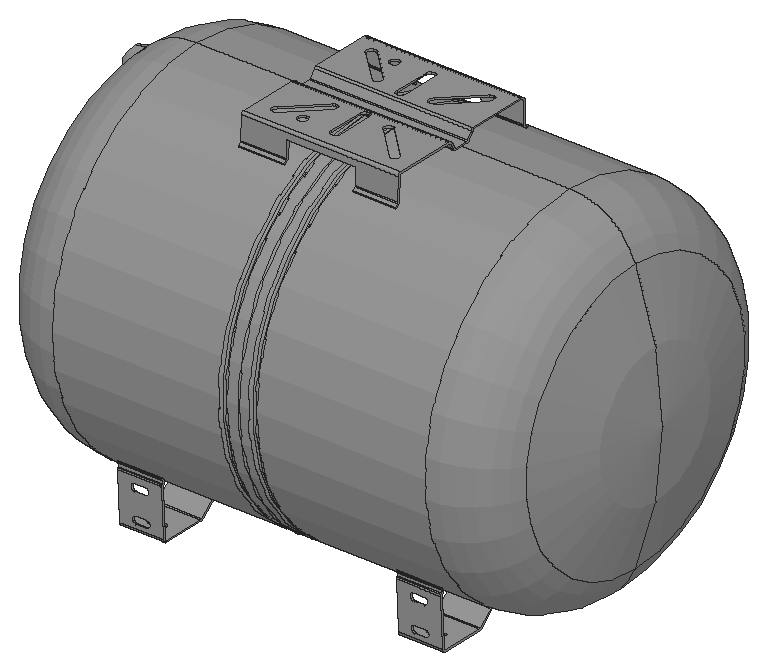
Revit family "WAO 80", category Оборудование, Revit 2014
Parameters
  Описание = "Мембранный бак для водоснабжения V=80л, Py=10бар, 1\""
  Материал крышки = Черная резина
  Материал = Синяя краска
  Масса кг = "13.2"
  Крышка [instance] = yes
  Комментарии к типоразмеру = "WAO 80"
  Изготовитель = "WESTER"  # constant formula
  URL = "http://www.wester.su/"
Reference planes
  plane 1 "По центру (Вперед/Назад)": y = 0
  plane 2: z = 0
  plane 3 "По центру (Влево/Вправо)": x = 0
  plane 4: z = 219.449
Forms (mm)
  Revolve 1, solid, material "Синяя краска" <- "Материал"
    sketch origin (0, 0, 39.5) x (1, 0, 0) y (0, 0, 1)
      loop
        line (211.665, 384.998) -> (20.731, 384.998)
        arc (20.731, 384.998) -> (19.253, 384.613) -> (18.15, 383.556) r 3.031
        arc (18.15, 383.556) -> (16.004, 382.367) -> (13.859, 383.556) r 2.53
        arc (13.859, 383.556) -> (12.745, 384.613) -> (11.258, 384.998) r 3.066
        line (11.258, 384.998) -> (1.114, 384.998)
        arc (1.114, 384.998) -> (0.062, 385.384) -> (-0.99, 384.998) r 1.624
        line (-0.99, 384.998) -> (-13.259, 384.998)
        arc (-13.259, 384.998) -> (-14.743, 384.61) -> (-15.849, 383.547) r 3.037
        arc (-15.849, 383.547) -> (-18.001, 382.334) -> (-20.153, 383.547) r 2.516
        arc (-20.153, 383.547) -> (-21.249, 384.61) -> (-22.726, 384.998) r 3.007
        line (-22.726, 384.998) -> (-210.648, 384.998)
        arc (-210.648, 384.998) -> (-255.142, 371.395) -> (-284.422, 335.237) r 79.568
        arc (-284.422, 335.237) -> (-300.44, 288.618) -> (-311.432, 240.565) r 464.996
        line (-311.432, 240.565) -> (-324.538, 227.459) -> (-324.538, 179.949) -> (316.999, 179.949)
        arc (316.999, 179.949) -> (308.93, 258.758) -> (286.278, 334.67) r 422.086
        arc (286.278, 334.67) -> (256.665, 371.24) -> (211.665, 384.998) r 80.473
      axis (-324.538, 179.949) -> (316.999, 179.949)
    angle from 0 to 360
  Revolve 2, solid
    sketch origin (-97.594, 0, 57.949) x (1, 0, 0) y (0, 0, 1)
      loop
        line (-267.445, 175.601) -> (-267.445, 174.782) -> (-239.445, 174.782) -> (-239.445, 161.5) -> (-226.945, 161.5) -> (-226.945, 231.551) -> (-228.445, 231.551) -> (-228.445, 235.304) -> (-235.411, 234.694)
        arc (-235.411, 234.694) -> (-238.29, 233.199) -> (-239.445, 230.167) r 4.557
        line (-239.445, 230.167) -> (-239.445, 209.701) -> (-235.342, 197.341)
        arc (-235.342, 197.341) -> (-234.952, 195.475) -> (-235.342, 193.608) r 4.663
        line (-235.342, 193.608) -> (-239.445, 180.189) -> (-239.445, 179.405)
        arc (-239.445, 179.405) -> (-240.671, 179.079) -> (-241.484, 178.103) r 2.095
        line (-241.484, 178.103) -> (-264.942, 178.103) -> (-267.445, 175.601)
      axis (-267.445, 161.5) -> (-226.945, 161.5)
    angle from 0 to 360
  Extrusion 3, solid, material "Синяя краска" <- "Материал"
    sketch origin (0, -0.312, 123) x (0, 1, 0) y (0, 0, 1)
      loop
        line (93.539, 280.684) -> (90.184, 283.374)
        arc (90.184, 283.374) -> (89.777, 283.88) -> (89.622, 284.512) r 1.5
        line (89.622, 284.512) -> (89.073, 310.065)
        arc (89.073, 310.065) -> (88.172, 312.144) -> (86.074, 313) r 3
        line (86.074, 313) -> (16.699, 313)
        arc (16.699, 313) -> (15.22, 312.611) -> (14.126, 311.543) r 3
        line (14.126, 311.543) -> (9.437, 303.728)
        arc (9.437, 303.728) -> (8.89, 303.195) -> (8.151, 303) r 1.5
        line (8.151, 303) -> (-8.151, 303)
        arc (-8.151, 303) -> (-8.89, 303.195) -> (-9.437, 303.728) r 1.5
        line (-9.437, 303.728) -> (-14.126, 311.543)
        arc (-14.126, 311.543) -> (-15.22, 312.611) -> (-16.699, 313) r 3
        line (-16.699, 313) -> (-86.061, 313)
        arc (-86.061, 313) -> (-88.159, 312.144) -> (-89.06, 310.065) r 3
        line (-89.06, 310.065) -> (-89.621, 284.252)
        arc (-89.621, 284.252) -> (-89.775, 283.62) -> (-90.182, 283.114) r 1.5
        line (-90.182, 283.114) -> (-93.537, 280.424) -> (-92.599, 279.253) -> (-89.244, 281.943)
        arc (-89.244, 281.943) -> (-88.43, 282.957) -> (-88.121, 284.219) r 3
        line (-88.121, 284.219) -> (-87.561, 310.033)
        arc (-87.561, 310.033) -> (-87.11, 311.072) -> (-86.061, 311.5) r 1.5
        line (-86.061, 311.5) -> (-16.699, 311.5)
        arc (-16.699, 311.5) -> (-15.96, 311.305) -> (-15.412, 310.772) r 1.5
        line (-15.412, 310.772) -> (-10.723, 302.957)
        arc (-10.723, 302.957) -> (-9.629, 301.889) -> (-8.151, 301.5) r 3
        line (-8.151, 301.5) -> (8.151, 301.5)
        arc (8.151, 301.5) -> (9.629, 301.889) -> (10.723, 302.957) r 3
        line (10.723, 302.957) -> (15.412, 310.772)
        arc (15.412, 310.772) -> (15.96, 311.305) -> (16.699, 311.5) r 1.5
        line (16.699, 311.5) -> (86.074, 311.5)
        arc (86.074, 311.5) -> (87.123, 311.072) -> (87.574, 310.032) r 1.5
        line (87.574, 310.032) -> (88.123, 284.48)
        arc (88.123, 284.48) -> (88.432, 283.217) -> (89.246, 282.203) r 3
        line (89.246, 282.203) -> (92.601, 279.513) -> (93.539, 280.684)
    from -89 to 89
  Extrusion 4, void
    sketch origin (3.445, 0, 0) x (1, 0, 0) y (0, 1, 0)
      loop
        arc (-66.306, 70.639) -> (-74.084, 70.639) -> (-74.084, 62.861) r 5.5
        line (-74.084, 62.861) -> (-39.436, 28.213)
        arc (-39.436, 28.213) -> (-31.657, 28.213) -> (-31.657, 35.991) r 5.5
        line (-31.657, 35.991) -> (-66.306, 70.639)
      loop
        arc (24.768, 35.991) -> (24.768, 28.213) -> (32.546, 28.213) r 5.5
        line (32.546, 28.213) -> (67.194, 62.861)
        arc (67.194, 62.861) -> (67.194, 70.639) -> (59.416, 70.639) r 5.5
        line (59.416, 70.639) -> (24.768, 35.991)
      loop
        arc (-8.945, 25.75) -> (-3.445, 20.25) -> (2.055, 25.75) r 5.5
        line (2.055, 25.75) -> (2.055, 66.75)
        arc (2.055, 66.75) -> (-3.445, 72.25) -> (-8.945, 66.75) r 5.5
        line (-8.945, 66.75) -> (-8.945, 25.75)
      loop
        arc (-31.657, -35.991) -> (-31.657, -28.213) -> (-39.436, -28.213) r 5.5
        line (-39.436, -28.213) -> (-74.084, -62.861)
        arc (-74.084, -62.861) -> (-74.084, -70.639) -> (-66.306, -70.639) r 5.5
        line (-66.306, -70.639) -> (-31.657, -35.991)
      loop
        line (24.768, -35.991) -> (59.416, -70.639)
        arc (59.416, -70.639) -> (67.194, -70.639) -> (67.194, -62.861) r 5.5
        line (67.194, -62.861) -> (32.546, -28.213)
        arc (32.546, -28.213) -> (24.768, -28.213) -> (24.768, -35.991) r 5.5
      loop
        line (-8.945, -25.75) -> (-8.945, -66.75)
        arc (-8.945, -66.75) -> (-3.445, -72.25) -> (2.055, -66.75) r 5.5
        line (2.055, -66.75) -> (2.055, -25.75)
        arc (2.055, -25.75) -> (-3.445, -20.25) -> (-8.945, -25.75) r 5.5
      loop
        circle (-42.347, 64.994) r 5.559
      loop
        circle (-42.347, -64.994) r 5.559
    from 434.5 to 436
  Extrusion 5, void
    sketch origin (0, 0, 0) x (1, 0, 0) y (0, 1, 0)
      loop
        arc (-159.538, 108.5) -> (-155.038, 113) -> (-159.538, 117.5) r 4.5
        line (-159.538, 117.5) -> (-170.538, 117.5)
        arc (-170.538, 117.5) -> (-175.038, 113) -> (-170.538, 108.5) r 4.5
        line (-170.538, 108.5) -> (-159.538, 108.5)
      loop
        line (-170.538, -117.5) -> (-159.538, -117.5)
        arc (-159.538, -117.5) -> (-155.038, -113) -> (-159.538, -108.5) r 4.5
        line (-159.538, -108.5) -> (-170.538, -108.5)
        arc (-170.538, -108.5) -> (-175.038, -113) -> (-170.538, -117.5) r 4.5
      loop
        arc (156.462, 108.5) -> (160.962, 113) -> (156.462, 117.5) r 4.5
        line (156.462, 117.5) -> (145.462, 117.5)
        arc (145.462, 117.5) -> (140.962, 113) -> (145.462, 108.5) r 4.5
        line (145.462, 108.5) -> (156.462, 108.5)
      loop
        line (156.462, -108.5) -> (145.462, -108.5)
        arc (145.462, -108.5) -> (140.962, -113) -> (145.462, -117.5) r 4.5
        line (145.462, -117.5) -> (156.462, -117.5)
        arc (156.462, -117.5) -> (160.962, -113) -> (156.462, -108.5) r 4.5
    from 0 to 14.349
  Extrusion 6, void
    sketch origin (6.445, 0, 0) x (1, 0, 0) y (0, 0, 1)
      loop
        arc (-165.983, 42.509) -> (-161.483, 47.009) -> (-165.983, 51.509) r 4.5
        line (-165.983, 51.509) -> (-176.983, 51.509)
        arc (-176.983, 51.509) -> (-181.483, 47.009) -> (-176.983, 42.509) r 4.5
        line (-176.983, 42.509) -> (-165.983, 42.509)
      loop
        line (-165.983, 17.513) -> (-176.983, 17.513)
        arc (-176.983, 17.513) -> (-181.483, 13.013) -> (-176.983, 8.513) r 4.5
        line (-176.983, 8.513) -> (-165.983, 8.513)
        arc (-165.983, 8.513) -> (-161.483, 13.013) -> (-165.983, 17.513) r 4.5
      loop
        line (139.017, 8.513) -> (150.017, 8.513)
        arc (150.017, 8.513) -> (154.517, 13.013) -> (150.017, 17.513) r 4.5
        line (150.017, 17.513) -> (139.017, 17.513)
        arc (139.017, 17.513) -> (134.517, 13.013) -> (139.017, 8.513) r 4.5
      loop
        arc (150.017, 42.509) -> (154.517, 47.009) -> (150.017, 51.509) r 4.5
        line (150.017, 51.509) -> (139.017, 51.509)
        arc (139.017, 51.509) -> (134.517, 47.009) -> (139.017, 42.509) r 4.5
        line (139.017, 42.509) -> (150.017, 42.509)
    from 122.781 to 145.319
  Extrusion 7, void
    sketch origin (6.445, 0, 0) x (1, 0, 0) y (0, 0, -1)
      loop
        line (-165.983, -42.509) -> (-176.983, -42.509)
        arc (-176.983, -42.509) -> (-181.483, -47.009) -> (-176.983, -51.509) r 4.5
        line (-176.983, -51.509) -> (-165.983, -51.509)
        arc (-165.983, -51.509) -> (-161.483, -47.009) -> (-165.983, -42.509) r 4.5
      loop
        arc (-165.983, -17.513) -> (-161.483, -13.013) -> (-165.983, -8.513) r 4.5
        line (-165.983, -8.513) -> (-176.983, -8.513)
        arc (-176.983, -8.513) -> (-181.483, -13.013) -> (-176.983, -17.513) r 4.5
        line (-176.983, -17.513) -> (-165.983, -17.513)
      loop
        arc (139.017, -8.513) -> (134.517, -13.013) -> (139.017, -17.513) r 4.5
        line (139.017, -17.513) -> (150.017, -17.513)
        arc (150.017, -17.513) -> (154.517, -13.013) -> (150.017, -8.513) r 4.5
        line (150.017, -8.513) -> (139.017, -8.513)
      loop
        line (150.017, -42.509) -> (139.017, -42.509)
        arc (139.017, -42.509) -> (134.517, -47.009) -> (139.017, -51.509) r 4.5
        line (139.017, -51.509) -> (150.017, -51.509)
        arc (150.017, -51.509) -> (154.517, -47.009) -> (150.017, -42.509) r 4.5
    from 127.754 to 147.671
  Revolve 8, solid
    sketch origin (-7.574, 0, 409.953) x (-0.85718, 0, 0.515018) y (-0.515018, 0, -0.85718)
      loop
        line (225.528, 165.524) -> (214.055, 165.524) -> (214.055, 166.998) -> (209.564, 166.998) -> (209.564, 161.5) -> (222.75, 161.5) -> (222.75, 163.617) -> (226.555, 163.617) -> (226.555, 164.497) -> (225.528, 165.524)
      axis (209.564, 161.5) -> (226.555, 161.5)
    angle from 0 to 360
  Extrusion 9, void
    sketch origin (0, 0, 0) x (0, 1, 0) y (0, 0, 1)
      loop
        line (93.227, 403.684) -> (89.871, 406.374)
        arc (89.871, 406.374) -> (89.464, 406.88) -> (89.31, 407.512) r 1.5
        line (89.31, 407.512) -> (88.913, 426) -> (87.412, 426) -> (87.81, 407.48)
        arc (87.81, 407.48) -> (88.119, 406.217) -> (88.933, 405.203) r 3
        line (88.933, 405.203) -> (92.288, 402.513) -> (93.227, 403.684)
      loop
        line (-89.526, 426) -> (-89.933, 407.252)
        arc (-89.933, 407.252) -> (-90.088, 406.62) -> (-90.494, 406.114) r 1.5
        line (-90.494, 406.114) -> (-93.85, 403.424) -> (-92.912, 402.253) -> (-89.556, 404.943)
        arc (-89.556, 404.943) -> (-88.742, 405.957) -> (-88.433, 407.219) r 3
        line (-88.433, 407.219) -> (-88.026, 426) -> (-89.526, 426)
    from -37.038 to 40.962
  Extrusion 10, solid, material "Синяя краска" <- "Материал"
    sketch origin (0, 0, 0) x (0, 1, 0) y (0, 0, 1)
      loop
        line (138.643, 66.866) -> (137.839, 67.757) -> (137.094, 67.086)
        arc (137.094, 67.086) -> (136.464, 66.241) -> (136.205, 65.22) r 2.7
        line (136.205, 65.22) -> (136.011, 61.492)
        arc (136.011, 61.492) -> (136.133, 60.575) -> (136.576, 59.763) r 2.528
        arc (136.576, 59.763) -> (136.809, 59.305) -> (136.872, 58.795) r 1.48
        line (136.872, 58.795) -> (133.997, 3.57)
        arc (133.997, 3.57) -> (133.221, 1.887) -> (131.5, 1.2) r 2.5
        line (131.5, 1.2) -> (83.187, 1.2)
        arc (83.187, 1.2) -> (82.277, 1.364) -> (81.482, 1.836) r 2.601
        line (81.482, 1.836) -> (63.445, 17.483)
        arc (63.445, 17.483) -> (63.254, 17.828) -> (63.156, 18.211) r 1.543
        arc (63.156, 18.211) -> (62.885, 19.074) -> (62.321, 19.782) r 2.476
        line (62.321, 19.782) -> (59.629, 22.117)
        arc (59.629, 22.117) -> (58.682, 22.646) -> (57.603, 22.754) r 2.665
        line (57.603, 22.754) -> (56.05, 22.309) -> (56.442, 21.175) -> (57.37, 21.496)
        arc (57.37, 21.496) -> (58.144, 21.55) -> (58.843, 21.211) r 1.5
        line (58.843, 21.211) -> (61.47, 18.931)
        arc (61.47, 18.931) -> (61.813, 18.531) -> (61.954, 18.022) r 1.215
        arc (61.954, 18.022) -> (62.159, 17.227) -> (62.659, 16.576) r 2.054
        line (62.659, 16.576) -> (80.696, 0.93)
        arc (80.696, 0.93) -> (81.857, 0.24) -> (83.187, 0) r 3.801
        line (83.187, 0) -> (131.5, 0)
        arc (131.5, 0) -> (134.047, 1.017) -> (135.195, 3.508) r 3.7
        line (135.195, 3.508) -> (138.071, 58.733)
        arc (138.071, 58.733) -> (137.987, 59.675) -> (137.529, 60.503) r 2.279
        arc (137.529, 60.503) -> (137.279, 60.935) -> (137.21, 61.429) r 1.309
        line (137.21, 61.429) -> (137.404, 65.158)
        arc (137.404, 65.158) -> (137.548, 65.725) -> (137.898, 66.194) r 1.5
        line (137.898, 66.194) -> (138.643, 66.866)
      loop
        line (-138.643, 66.866) -> (-137.898, 66.194)
        arc (-137.898, 66.194) -> (-137.548, 65.725) -> (-137.404, 65.158) r 1.5
        line (-137.404, 65.158) -> (-137.21, 61.429)
        arc (-137.21, 61.429) -> (-137.279, 60.935) -> (-137.529, 60.503) r 1.309
        arc (-137.529, 60.503) -> (-137.987, 59.675) -> (-138.071, 58.733) r 2.279
        line (-138.071, 58.733) -> (-135.195, 3.508)
        arc (-135.195, 3.508) -> (-134.047, 1.017) -> (-131.5, 0) r 3.7
        line (-131.5, 0) -> (-83.187, 0)
        arc (-83.187, 0) -> (-81.857, 0.24) -> (-80.696, 0.93) r 3.801
        line (-80.696, 0.93) -> (-62.659, 16.576)
        arc (-62.659, 16.576) -> (-62.159, 17.227) -> (-61.954, 18.022) r 2.054
        arc (-61.954, 18.022) -> (-61.813, 18.531) -> (-61.47, 18.931) r 1.215
        line (-61.47, 18.931) -> (-58.843, 21.211)
        arc (-58.843, 21.211) -> (-58.144, 21.55) -> (-57.37, 21.496) r 1.5
        line (-57.37, 21.496) -> (-56.442, 21.175) -> (-56.05, 22.309) -> (-57.603, 22.754)
        arc (-57.603, 22.754) -> (-58.682, 22.646) -> (-59.629, 22.117) r 2.665
        line (-59.629, 22.117) -> (-62.321, 19.782)
        arc (-62.321, 19.782) -> (-62.885, 19.074) -> (-63.156, 18.211) r 2.476
        arc (-63.156, 18.211) -> (-63.254, 17.828) -> (-63.445, 17.483) r 1.543
        line (-63.445, 17.483) -> (-81.482, 1.836)
        arc (-81.482, 1.836) -> (-82.277, 1.364) -> (-83.187, 1.2) r 2.601
        line (-83.187, 1.2) -> (-131.5, 1.2)
        arc (-131.5, 1.2) -> (-133.221, 1.887) -> (-133.997, 3.57) r 2.5
        line (-133.997, 3.57) -> (-136.872, 58.795)
        arc (-136.872, 58.795) -> (-136.809, 59.305) -> (-136.576, 59.763) r 1.48
        arc (-136.576, 59.763) -> (-136.133, 60.575) -> (-136.011, 61.492) r 2.528
        line (-136.011, 61.492) -> (-136.205, 65.22)
        arc (-136.205, 65.22) -> (-136.464, 66.241) -> (-137.094, 67.086) r 2.7
        line (-137.094, 67.086) -> (-137.839, 67.757) -> (-138.643, 66.866)
    from 125.962 to 175.962
  Extrusion 11, solid, material "Синяя краска" <- "Материал"
    sketch origin (0, 0, 0) x (0, 1, 0) y (0, 0, -1)
      loop
        line (138.643, -66.866) -> (137.898, -66.194)
        arc (137.898, -66.194) -> (137.548, -65.725) -> (137.404, -65.158) r 1.5
        line (137.404, -65.158) -> (137.21, -61.429)
        arc (137.21, -61.429) -> (137.279, -60.935) -> (137.529, -60.503) r 1.309
        arc (137.529, -60.503) -> (137.987, -59.675) -> (138.071, -58.733) r 2.279
        line (138.071, -58.733) -> (135.195, -3.508)
        arc (135.195, -3.508) -> (134.047, -1.017) -> (131.5, 0) r 3.7
        line (131.5, 0) -> (83.187, 0)
        arc (83.187, 0) -> (81.857, -0.24) -> (80.696, -0.93) r 3.801
        line (80.696, -0.93) -> (62.659, -16.576)
        arc (62.659, -16.576) -> (62.159, -17.227) -> (61.954, -18.022) r 2.054
        arc (61.954, -18.022) -> (61.813, -18.531) -> (61.47, -18.931) r 1.215
        line (61.47, -18.931) -> (58.843, -21.211)
        arc (58.843, -21.211) -> (58.144, -21.55) -> (57.37, -21.496) r 1.5
        line (57.37, -21.496) -> (56.442, -21.175) -> (56.05, -22.309) -> (57.603, -22.754)
        arc (57.603, -22.754) -> (58.682, -22.646) -> (59.629, -22.117) r 2.665
        line (59.629, -22.117) -> (62.321, -19.782)
        arc (62.321, -19.782) -> (62.885, -19.074) -> (63.156, -18.211) r 2.476
        arc (63.156, -18.211) -> (63.254, -17.828) -> (63.445, -17.483) r 1.543
        line (63.445, -17.483) -> (81.482, -1.836)
        arc (81.482, -1.836) -> (82.277, -1.364) -> (83.187, -1.2) r 2.601
        line (83.187, -1.2) -> (131.5, -1.2)
        arc (131.5, -1.2) -> (133.221, -1.887) -> (133.997, -3.57) r 2.5
        line (133.997, -3.57) -> (136.872, -58.795)
        arc (136.872, -58.795) -> (136.809, -59.305) -> (136.576, -59.763) r 1.48
        arc (136.576, -59.763) -> (136.133, -60.575) -> (136.011, -61.492) r 2.528
        line (136.011, -61.492) -> (136.205, -65.22)
        arc (136.205, -65.22) -> (136.464, -66.241) -> (137.094, -67.086) r 2.7
        line (137.094, -67.086) -> (137.839, -67.757) -> (138.643, -66.866)
      loop
        line (-138.643, -66.866) -> (-137.839, -67.757) -> (-137.094, -67.086)
        arc (-137.094, -67.086) -> (-136.464, -66.241) -> (-136.205, -65.22) r 2.7
        line (-136.205, -65.22) -> (-136.011, -61.492)
        arc (-136.011, -61.492) -> (-136.133, -60.575) -> (-136.576, -59.763) r 2.528
        arc (-136.576, -59.763) -> (-136.809, -59.305) -> (-136.872, -58.795) r 1.48
        line (-136.872, -58.795) -> (-133.997, -3.57)
        arc (-133.997, -3.57) -> (-133.221, -1.887) -> (-131.5, -1.2) r 2.5
        line (-131.5, -1.2) -> (-83.187, -1.2)
        arc (-83.187, -1.2) -> (-82.277, -1.364) -> (-81.482, -1.836) r 2.601
        line (-81.482, -1.836) -> (-63.445, -17.483)
        arc (-63.445, -17.483) -> (-63.254, -17.828) -> (-63.156, -18.211) r 1.543
        arc (-63.156, -18.211) -> (-62.885, -19.074) -> (-62.321, -19.782) r 2.476
        line (-62.321, -19.782) -> (-59.629, -22.117)
        arc (-59.629, -22.117) -> (-58.682, -22.646) -> (-57.603, -22.754) r 2.665
        line (-57.603, -22.754) -> (-56.05, -22.309) -> (-56.442, -21.175) -> (-57.37, -21.496)
        arc (-57.37, -21.496) -> (-58.144, -21.55) -> (-58.843, -21.211) r 1.5
        line (-58.843, -21.211) -> (-61.47, -18.931)
        arc (-61.47, -18.931) -> (-61.813, -18.531) -> (-61.954, -18.022) r 1.215
        arc (-61.954, -18.022) -> (-62.159, -17.227) -> (-62.659, -16.576) r 2.054
        line (-62.659, -16.576) -> (-80.696, -0.93)
        arc (-80.696, -0.93) -> (-81.857, -0.24) -> (-83.187, 0) r 3.801
        line (-83.187, 0) -> (-131.5, 0)
        arc (-131.5, 0) -> (-134.047, -1.017) -> (-135.195, -3.508) r 3.7
        line (-135.195, -3.508) -> (-138.071, -58.733)
        arc (-138.071, -58.733) -> (-137.987, -59.675) -> (-137.529, -60.503) r 2.279
        arc (-137.529, -60.503) -> (-137.279, -60.935) -> (-137.21, -61.429) r 1.309
        line (-137.21, -61.429) -> (-137.404, -65.158)
        arc (-137.404, -65.158) -> (-137.548, -65.725) -> (-137.898, -66.194) r 1.5
        line (-137.898, -66.194) -> (-138.643, -66.866)
    from 140.038 to 190.038
  Revolve 12, void
    sketch origin (0, 0, 0) x (1, 0, 0) y (0, 0, 1)
      loop
        line (-270.238, 379.482) -> (-266.64, 385.715)
        arc (-266.64, 385.715) -> (-266.717, 392.076) -> (-267.82, 398.342) r 39.261
        arc (-267.82, 398.342) -> (-268.114, 401.282) -> (-267.49, 404.17) r 9.509
        arc (-267.49, 404.17) -> (-274.548, 395.291) -> (-280.803, 385.83) r 129.609
        line (-280.803, 385.83) -> (-270.238, 379.482)
      axis (-280.803, 385.83) -> (-270.238, 379.482)
    angle from 0 to 360
  Revolve 13, solid, material "Черная резина" <- "Материал крышки", visible <- "Крышка"
    sketch origin (0, 0, 0) x (1, 0, 0) y (0, 0, 1)
      loop
        line (-266.64, 385.715) -> (-268.098, 399.98) -> (-279.968, 397.726) -> (-285.441, 388.616) -> (-270.346, 379.546) -> (-266.64, 385.715)
      axis (-270.346, 379.546) -> (-285.441, 388.616)
    angle from 0 to 360
Cuts and joins
  Extrusion 4, Extrusion 9 cuts Extrusion 3
  Extrusion 5, Extrusion 6, Extrusion 7 cuts Extrusion 10
  Extrusion 5, Extrusion 6, Extrusion 7 cuts Extrusion 11
  Revolve 12 cuts Revolve 1
Dimensions and locks
  aligned and locked: level to plane 2
  aligned and locked: Extrusion 9 sketch curve to cut or joined group of Extrusion 3, Extrusion 4, Extrusion 9  (x12)
  aligned and locked: cut or joined group of Extrusion 3, Extrusion 4, Extrusion 9 to Extrusion 9 sketch curve  (x2)
Nested families
  nested 1: "Болт" at (-337.038, -51.954, 249.5) x (0, -0.5, 0.866) z (-1, 0, 0), type "Болт"
  nested 2: "Болт" at (-337.038, 51.958, 249.493) x (0, -0.5, 0.866) z (-1, 0, 0), type "Болт"
  nested 3: "Болт" at (-337.038, 51.954, 189.5) x (0, -0.5, 0.866) z (-1, 0, 0), type "Болт"
  nested 4: "Болт" at (-337.038, 0, 279.493) x (0, -1, 0) z (-1, 0, 0), type "Болт"
  nested 5: "Болт" at (-337.038, 0, 159.507) x (0, -1, 0) z (-1, 0, 0), type "Болт"
  nested 6: "Болт" at (-337.038, -51.958, 189.507) x (0, -1, 0) z (-1, 0, 0), type "Болт"
Connectors
  piping at (-365.038, 0, 219.449), diameter 25
    settings: on Revolve 2, index 1, connector inside diameter 609.6 mm, connector length 0 mm, flow factor 0, pipe flow 0.0 L/s, pressure drop 0.0 Pa, fitting loss kfactor 0, connector angle 0.00°, fixture units 0, engagement length 0 mm, angle of deflection 0.00°, flow configuration 1, flow direction 0, fitting loss method 0, system type 29, joint type 0, gender type 0, connector reference index -1, connector utility 0, adjustable connector no, is connector primary yes, connector description ""
Definition of nested family "Болт"
  Parameters (values of type "Болт")
    Default Elevation = 1219.2 mm
  Reference planes
    plane 1 "По центру (Вперед/Назад)": y = 0
    plane 2: z = 0
    plane 3 "По центру (Влево/Вправо)": x = 0
  Forms (mm)
    Extrusion 1, solid
      sketch origin (0, 0, 0) x (1, 0, 0) y (0, 1, 0)
        loop
          line (-1219.2, 1219.2) -> (-1219.2, -1219.2) -> (1219.2, -1219.2) -> (1219.2, 1219.2) -> (-1219.2, 1219.2)
      from 0 to -304.8
    Extrusion 2, solid, detail levels medium+fine
      sketch origin (0, 0, 0) x (0, 1, 0) y (-1, 0, 0)
        loop
          line (-6.5, -3.753) -> (0, -7.506) -> (6.5, -3.753) -> (6.5, 3.753) -> (0, 7.506) -> (-6.5, 3.753) -> (-6.5, -3.753)
      from 0 to 5.3
    Extrusion 3, solid, detail levels medium+fine
      sketch origin (0, 0, 0) x (1, 0, 0) y (0, 1, 0)
        loop
          circle (0, 0) r 4
      from -14 to 0
    Revolve 4, void
      sketch origin (0, 0, 0) x (1, 0, 0) y (0, 0, 1)
        loop
          line (-7.506, 4.447) -> (-6.413, 5.3) -> (-7.506, 5.3) -> (-7.506, 4.447)
        axis (0, 5.3) -> (0, 4.3)
      angle from 0 to 360
    Revolve 5, void
      sketch origin (0, 0, 0) x (1, 0, 0) y (0, 0, 1)
        loop
          line (-4, -14) -> (-2.365, -14) -> (-4, -12.365) -> (-4, -14)
        axis (0, -12.365) -> (0, -14)
      angle from 0 to 360
  Cuts and joins
    Revolve 4 cuts Extrusion 2
    Revolve 5 cuts Extrusion 3
    joined: Extrusion 2, Extrusion 3
  Dimensions and locks
    aligned and locked: plane 2 to Extrusion 1
    aligned and locked: level to Extrusion 1
    aligned and locked: Revolve 4 sketch curve to plane 3 "По центру (Влево/Вправо)"
    aligned and locked: cut or joined group of Extrusion 2, Extrusion 3, Revolve 4, Revolve 5 to Revolve 4 sketch curve
